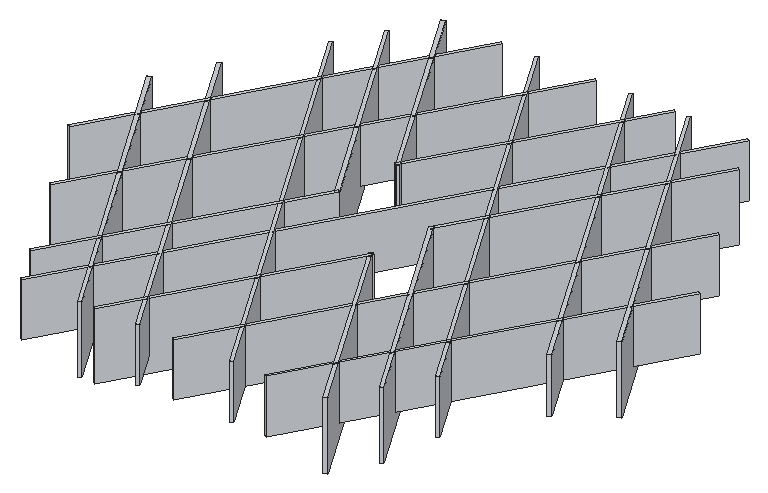
Revit family "J2 PET Felt Hex Cloud Grid 7ft6in", category Specialty Equipment, Revit 2021
Family settings
  Round Connector Dimension = Use Diameter
  Part Type = Normal
  Work Plane-Based = No
  Always vertical = Yes
  Cut with Voids When Loaded = No
  Shared = No
  Room Calculation Point = No
Parameters (values of type "Hex Cloud Grid 7'-6"")
  URL = "https://www.j2systems.net/"
  Symbol Name = "CSCGHX"
  Style Number = "CSCGHX"
  Release Date = "2019"
  Product Line = "Ceiling System"
  Model = "HEX Cloud Grid"
  Manufacturer = "J2 Systems"  # constant formula
  Felt Color B = none
  Felt Color A = none
  Default Elevation = 0' - 0"
  Baffle Height (Min 6" / Max 18") = 0' - 10"
  Baffle B Height = [Baffle Height (Min 6" / Max 18")] - 0' 2"  # 0' - 8"
  7'-6" Size = yes
  5'-6" Size = no
Types (2): name | Model | 7'-6" Size | 5'-6" Size
  Hex Cloud Grid 7'-6" | "HEX Cloud Grid" | yes | no
  Hex Cloud Grid 5'-6" | "Hex Cloud Grid" | no | yes
Reference planes (in)
  plane 1 "Center (Front/Back)": y = 0
  plane 2: z = 0
  plane 3 "Center (Left/Right)": x = 0
  plane 4 "Top Edge": z = 10
  plane 5 "Center L/U": z = 2
Dimensions and locks (in)
  "Baffle Height (Min 6" / Max 18")": plane 4 "Top Edge" to level
  "Baffle B Height": plane 4 "Top Edge" to plane 5 "Center L/U"
  aligned and locked: plane 2 to level
Nested families (in)
  nested 1: "J2 PET Felt Rectangular Baffle Single B" at (0, 0, 2) x (0.5, 0.866, 0) z (0, 0, 1), visible <- "7'-6" Size", type "Rectangular Baffle B 7'-6""
    with Baffle Length (Max. 7'-11") 7' - 6", Baffle Height (Max. 3'-11") 0' - 8"
  nested 2: "J2 PET Felt Rectangular Baffle Single" at (-16.40975, -16.42251, 0) x (0.5, 0.866, 0) z (0, 0, 1), visible <- "7'-6" Size", type "Rectangular Baffle A 3'-2""
    with Baffle Length - Max. 7'-11" 3' - 2 55/256", Baffle Height - Max. 3'-11" 0' - 10"
  nested 3: "J2 PET Felt Rectangular Baffle Single" at (-16.40975, 16.42251, 0) x (0.5, -0.866, 0) z (0, 0, 1), visible <- "7'-6" Size", type "Rectangular Baffle A 3'-2""
    with Baffle Length - Max. 7'-11" 3' - 2 55/256", Baffle Height - Max. 3'-11" 0' - 10"
  nested 4: "J2 PET Felt Rectangular Baffle Single" at (-3.01162, -24.00514, 0) x (0.5, 0.866, 0) z (0, 0, 1), visible <- "7'-6" Size", type "Rectangular Baffle A 2'-10 1/2""
    with Baffle Length - Max. 7'-11" 2' - 10 9/16", Baffle Height - Max. 3'-11" 0' - 10"
  nested 5: "J2 PET Felt Rectangular Baffle Single" at (13.83662, -24.00514, 0) x (-0.5, 0.866, 0) z (0, 0, 1), visible <- "7'-6" Size", type "Rectangular Baffle A 2'-10 1/2""
    with Baffle Length - Max. 7'-11" 2' - 10 9/16", Baffle Height - Max. 3'-11" 0' - 10"
  nested 6: "J2 PET Felt Rectangular Baffle Single" at (16.40975, -16.42251, 0) x (-0.5, 0.866, 0) z (0, 0, 1), visible <- "7'-6" Size", type "Rectangular Baffle A 3'-2""
    with Baffle Length - Max. 7'-11" 3' - 2 55/256", Baffle Height - Max. 3'-11" 0' - 10"
  nested 7: "J2 PET Felt Rectangular Baffle Single" at (16.40975, 16.42251, 0) x (-0.5, -0.866, 0) z (0, 0, 1), visible <- "7'-6" Size", type "Rectangular Baffle A 3'-2""
    with Baffle Length - Max. 7'-11" 3' - 2 55/256", Baffle Height - Max. 3'-11" 0' - 10"
  nested 8: "J2 PET Felt Rectangular Baffle Single" at (3.01162, 24.00514, 0) x (-0.5, -0.866, 0) z (0, 0, 1), visible <- "7'-6" Size", type "Rectangular Baffle A 2'-10 1/2""
    with Baffle Length - Max. 7'-11" 2' - 10 9/16", Baffle Height - Max. 3'-11" 0' - 10"
  nested 9: "J2 PET Felt Rectangular Baffle Single" at (-13.83662, 24.00514, 0) x (0.5, -0.866, 0) z (0, 0, 1), visible <- "7'-6" Size", type "Rectangular Baffle A 2'-10 1/2""
    with Baffle Length - Max. 7'-11" 2' - 10 9/16", Baffle Height - Max. 3'-11" 0' - 10"
  nested 10: "J2 PET Felt Rectangular Baffle Single" at (-27.27256, -15.75929, 0) x (-0.5, 0.866, 0) z (0, 0, 1), visible <- "7'-6" Size", type "Rectangular Baffle A 4'-6""
    with Baffle Length - Max. 7'-11" 4' - 5 155/256", Baffle Height - Max. 3'-11" 0' - 10"
  nested 11: "J2 PET Felt Rectangular Baffle Single B" at (16.88724, -9.75045, 2) x (0.5, 0.866, 0) z (0, 0, 1), visible <- "7'-6" Size", type "Rectangular Baffle B 5'-7""
    with Baffle Length (Max. 7'-11") 5' - 7 31/64", Baffle Height (Max. 3'-11") 0' - 8"
  nested 12: "J2 PET Felt Rectangular Baffle Single B" at (-16.88775, 9.74955, 2) x (-0.5, -0.866, 0) z (0, 0, 1), visible <- "7'-6" Size", type "Rectangular Baffle B 5'-7""
    with Baffle Length (Max. 7'-11") 5' - 7 31/64", Baffle Height (Max. 3'-11") 0' - 8"
  nested 13: "J2 PET Felt Rectangular Baffle Single B" at (27.20747, -15.87528, 2) x (0.5, 0.866, 0) z (0, 0, 1), visible <- "7'-6" Size", type "Rectangular Baffle B 4'-6""
    with Baffle Length (Max. 7'-11") 4' - 5 161/256", Baffle Height (Max. 3'-11") 0' - 8"
  nested 14: "J2 PET Felt Rectangular Baffle Single B" at (-27.28029, 15.74915, 2) x (-0.5, -0.866, 0) z (0, 0, 1), visible <- "7'-6" Size", type "Rectangular Baffle B 4'-6""
    with Baffle Length (Max. 7'-11") 4' - 5 161/256", Baffle Height (Max. 3'-11") 0' - 8"
  nested 15: "J2 PET Felt Rectangular Baffle Single B" at (10.38668, 6.00974, 2) x (-0.5, 0.866, 0) z (0, 0, 1), visible <- "7'-6" Size", type "Rectangular Baffle B 6'-4""
    with Baffle Length (Max. 7'-11") 6' - 4 31/256", Baffle Height (Max. 3'-11") 0' - 8"
  nested 16: "J2 PET Felt Rectangular Baffle Single B" at (-10.38668, -6.00974, 2) x (0.5, -0.866, 0) z (0, 0, 1), visible <- "7'-6" Size", type "Rectangular Baffle B 6'-4""
    with Baffle Length (Max. 7'-11") 6' - 4 31/256", Baffle Height (Max. 3'-11") 0' - 8"
  nested 17: "J2 PET Felt Rectangular Baffle Single B" at (20.77922, 12.00934, 2) x (-0.5, 0.866, 0) z (0, 0, 1), visible <- "7'-6" Size", type "Rectangular Baffle B 5'-2""
    with Baffle Length (Max. 7'-11") 5' - 2 17/64", Baffle Height (Max. 3'-11") 0' - 8"
  nested 18: "J2 PET Felt Rectangular Baffle Single B" at (-20.77922, -12.00934, 2) x (0.5, -0.866, 0) z (0, 0, 1), visible <- "7'-6" Size", type "Rectangular Baffle B 5'-2""
    with Baffle Length (Max. 7'-11") 5' - 2 17/64", Baffle Height (Max. 3'-11") 0' - 8"
  nested 19: "J2 PET Felt Rectangular Baffle Single B" at (0, 0, 2) x (0.5, 0.866, 0) z (0, 0, 1), visible <- "5'-6" Size", type "Rectangular Baffle B 5'-6""
    with Baffle Length (Max. 7'-11") 5' - 6", Baffle Height (Max. 3'-11") 0' - 8"
  nested 20: "J2 PET Felt Rectangular Baffle Single" at (27.27256, 15.75929, 0) x (0.5, -0.866, 0) z (0, 0, 1), visible <- "7'-6" Size", type "Rectangular Baffle A 4'-6""
    with Baffle Length - Max. 7'-11" 4' - 5 155/256", Baffle Height - Max. 3'-11" 0' - 10"
  nested 21: "J2 PET Felt Rectangular Baffle Single" at (-2.06607, -17.60964, 0) x (0.5, 0.866, 0) z (0, 0, 1), visible <- "5'-6" Size", type "Rectangular Baffle A 2'-1""
    with Baffle Length - Max. 7'-11" 2' - 1 85/256", Baffle Height - Max. 3'-11" 0' - 10"
  nested 22: "J2 PET Felt Rectangular Baffle Single" at (10.16693, -17.60964, 0) x (-0.5, 0.866, 0) z (0, 0, 1), visible <- "5'-6" Size", type "Rectangular Baffle A 2'-1""
    with Baffle Length - Max. 7'-11" 2' - 1 85/256", Baffle Height - Max. 3'-11" 0' - 10"
  nested 23: "J2 PET Felt Rectangular Baffle Single" at (11.67847, 12.2277, 0) x (-0.5, -0.866, 0) z (0, 0, 1), visible <- "5'-6" Size", type "Rectangular Baffle A 2'-4""
    with Baffle Length - Max. 7'-11" 2' - 4 135/256", Baffle Height - Max. 3'-11" 0' - 10"
  nested 24: "J2 PET Felt Rectangular Baffle Single" at (11.67847, -12.2277, 0) x (-0.5, 0.866, 0) z (0, 0, 1), visible <- "5'-6" Size", type "Rectangular Baffle A 2'-4""
    with Baffle Length - Max. 7'-11" 2' - 4 135/256", Baffle Height - Max. 3'-11" 0' - 10"
  nested 25: "J2 PET Felt Rectangular Baffle Single B" at (12.375, -7.14471, 2) x (0.5, 0.866, 0) z (0, 0, 1), visible <- "5'-6" Size", type "Rectangular Baffle B 4'-1""
    with Baffle Length (Max. 7'-11") 4' - 1 1/2", Baffle Height (Max. 3'-11") 0' - 8"
  nested 26: "J2 PET Felt Rectangular Baffle Single B" at (-12.375, 7.14471, 2) x (-0.5, -0.866, 0) z (0, 0, 1), visible <- "5'-6" Size", type "Rectangular Baffle B 4'-1""
    with Baffle Length (Max. 7'-11") 4' - 1 1/2", Baffle Height (Max. 3'-11") 0' - 8"
  nested 27: "J2 PET Felt Rectangular Baffle Single B" at (19.94933, -11.52558, 2) x (0.5, 0.866, 0) z (0, 0, 1), visible <- "5'-6" Size", type "Rectangular Baffle B 3'-3""
    with Baffle Length (Max. 7'-11") 3' - 3 49/128", Baffle Height (Max. 3'-11") 0' - 8"
  nested 28: "J2 PET Felt Rectangular Baffle Single B" at (-19.94933, 11.52558, 2) x (-0.5, -0.866, 0) z (0, 0, 1), visible <- "5'-6" Size", type "Rectangular Baffle B 3'-3""
    with Baffle Length (Max. 7'-11") 3' - 3 49/128", Baffle Height (Max. 3'-11") 0' - 8"
  nested 29: "J2 PET Felt Rectangular Baffle Single" at (-19.95226, -11.52051, 0) x (-0.5, 0.866, 0) z (0, 0, 1), visible <- "5'-6" Size", type "Rectangular Baffle A 3'-3""
    with Baffle Length - Max. 7'-11" 3' - 3 101/256", Baffle Height - Max. 3'-11" 0' - 10"
  nested 30: "J2 PET Felt Rectangular Baffle Single B" at (-6.92803, -4.00029, 2) x (0.5, -0.866, 0) z (0, 0, 1), visible <- "5'-6" Size", type "Rectangular Baffle B 4'-9""
    with Baffle Length (Max. 7'-11") 4' - 8 195/256", Baffle Height (Max. 3'-11") 0' - 8"
  nested 31: "J2 PET Felt Rectangular Baffle Single B" at (-14.50627, -8.3744, 2) x (0.5, -0.866, 0) z (0, 0, 1), visible <- "5'-6" Size", type "Rectangular Baffle B 3'-10""
    with Baffle Length (Max. 7'-11") 3' - 10 169/256", Baffle Height (Max. 3'-11") 0' - 8"
  nested 32: "J2 PET Felt Rectangular Baffle Single" at (2.06607, 17.60964, 0) x (-0.5, -0.866, 0) z (0, 0, 1), visible <- "5'-6" Size", type "Rectangular Baffle A 2'-1""
    with Baffle Length - Max. 7'-11" 2' - 1 85/256", Baffle Height - Max. 3'-11" 0' - 10"
  nested 33: "J2 PET Felt Rectangular Baffle Single" at (-10.16693, 17.60964, 0) x (0.5, -0.866, 0) z (0, 0, 1), visible <- "5'-6" Size", type "Rectangular Baffle A 2'-1""
    with Baffle Length - Max. 7'-11" 2' - 1 85/256", Baffle Height - Max. 3'-11" 0' - 10"
  nested 34: "J2 PET Felt Rectangular Baffle Single" at (19.95226, 11.52051, 0) x (0.5, -0.866, 0) z (0, 0, 1), visible <- "5'-6" Size", type "Rectangular Baffle A 3'-3""
    with Baffle Length - Max. 7'-11" 3' - 3 101/256", Baffle Height - Max. 3'-11" 0' - 10"
  nested 35: "J2 PET Felt Rectangular Baffle Single B" at (6.92803, 4.00029, 2) x (-0.5, 0.866, 0) z (0, 0, 1), visible <- "5'-6" Size", type "Rectangular Baffle B 4'-9""
    with Baffle Length (Max. 7'-11") 4' - 8 195/256", Baffle Height (Max. 3'-11") 0' - 8"
  nested 36: "J2 PET Felt Rectangular Baffle Single B" at (14.50627, 8.3744, 2) x (-0.5, 0.866, 0) z (0, 0, 1), visible <- "5'-6" Size", type "Rectangular Baffle B 3'-10""
    with Baffle Length (Max. 7'-11") 3' - 10 169/256", Baffle Height (Max. 3'-11") 0' - 8"
  nested 37: "J2 PET Felt Rectangular Baffle Single" at (-11.67847, 12.2277, 0) x (0.5, -0.866, 0) z (0, 0, 1), visible <- "5'-6" Size", type "Rectangular Baffle A 2'-4""
    with Baffle Length - Max. 7'-11" 2' - 4 135/256", Baffle Height - Max. 3'-11" 0' - 10"
  nested 38: "J2 PET Felt Rectangular Baffle Single" at (-11.67847, -12.2277, 0) x (0.5, 0.866, 0) z (0, 0, 1), visible <- "5'-6" Size", type "Rectangular Baffle A 2'-4""
    with Baffle Length - Max. 7'-11" 2' - 4 135/256", Baffle Height - Max. 3'-11" 0' - 10"
  nested 39: "J2 PET Felt Rectangular Baffle Single B" at (-240, 0, 2) x (0.5, 0.866, 0) z (0, 0, 1), visible <- "7'-6" Size", type "Rectangular Baffle B 7'-6"", not visible
    with Baffle Length (Max. 7'-11") 7' - 6", Baffle Height (Max. 3'-11") 0' - 8"
  nested 40: "J2 PET Felt Rectangular Baffle Single" at (-256.40975, -16.42251, 0) x (0.5, 0.866, 0) z (0, 0, 1), visible <- "7'-6" Size", type "Rectangular Baffle A 3'-2"", not visible
    with Baffle Length - Max. 7'-11" 3' - 2 55/256", Baffle Height - Max. 3'-11" 0' - 10"
  nested 41: "J2 PET Felt Rectangular Baffle Single" at (-256.40975, 16.42251, 0) x (0.5, -0.866, 0) z (0, 0, 1), visible <- "7'-6" Size", type "Rectangular Baffle A 3'-2"", not visible
    with Baffle Length - Max. 7'-11" 3' - 2 55/256", Baffle Height - Max. 3'-11" 0' - 10"
  nested 42: "J2 PET Felt Rectangular Baffle Single" at (-243.01162, -24.00514, 0) x (0.5, 0.866, 0) z (0, 0, 1), visible <- "7'-6" Size", type "Rectangular Baffle A 2'-10 1/2"", not visible
    with Baffle Length - Max. 7'-11" 2' - 10 9/16", Baffle Height - Max. 3'-11" 0' - 10"
  nested 43: "J2 PET Felt Rectangular Baffle Single" at (-226.16338, -24.00514, 0) x (-0.5, 0.866, 0) z (0, 0, 1), visible <- "7'-6" Size", type "Rectangular Baffle A 2'-10 1/2"", not visible
    with Baffle Length - Max. 7'-11" 2' - 10 9/16", Baffle Height - Max. 3'-11" 0' - 10"
  nested 44: "J2 PET Felt Rectangular Baffle Single" at (-223.59025, -16.42251, 0) x (-0.5, 0.866, 0) z (0, 0, 1), visible <- "7'-6" Size", type "Rectangular Baffle A 3'-2"", not visible
    with Baffle Length - Max. 7'-11" 3' - 2 55/256", Baffle Height - Max. 3'-11" 0' - 10"
  nested 45: "J2 PET Felt Rectangular Baffle Single" at (-223.59025, 16.42251, 0) x (-0.5, -0.866, 0) z (0, 0, 1), visible <- "7'-6" Size", type "Rectangular Baffle A 3'-2"", not visible
    with Baffle Length - Max. 7'-11" 3' - 2 55/256", Baffle Height - Max. 3'-11" 0' - 10"
  nested 46: "J2 PET Felt Rectangular Baffle Single" at (-236.98838, 24.00514, 0) x (-0.5, -0.866, 0) z (0, 0, 1), visible <- "7'-6" Size", type "Rectangular Baffle A 2'-10 1/2"", not visible
    with Baffle Length - Max. 7'-11" 2' - 10 9/16", Baffle Height - Max. 3'-11" 0' - 10"
  nested 47: "J2 PET Felt Rectangular Baffle Single" at (-253.83662, 24.00514, 0) x (0.5, -0.866, 0) z (0, 0, 1), visible <- "7'-6" Size", type "Rectangular Baffle A 2'-10 1/2"", not visible
    with Baffle Length - Max. 7'-11" 2' - 10 9/16", Baffle Height - Max. 3'-11" 0' - 10"
  nested 48: "J2 PET Felt Rectangular Baffle Single" at (-267.27256, -15.75929, 0) x (-0.5, 0.866, 0) z (0, 0, 1), visible <- "7'-6" Size", type "Rectangular Baffle A 4'-6"", not visible
    with Baffle Length - Max. 7'-11" 4' - 5 155/256", Baffle Height - Max. 3'-11" 0' - 10"
  nested 49: "J2 PET Felt Rectangular Baffle Single B" at (-223.11276, -9.75045, 2) x (0.5, 0.866, 0) z (0, 0, 1), visible <- "7'-6" Size", type "Rectangular Baffle B 5'-7"", not visible
    with Baffle Length (Max. 7'-11") 5' - 7 31/64", Baffle Height (Max. 3'-11") 0' - 8"
  nested 50: "J2 PET Felt Rectangular Baffle Single B" at (-256.88775, 9.74955, 2) x (-0.5, -0.866, 0) z (0, 0, 1), visible <- "7'-6" Size", type "Rectangular Baffle B 5'-7"", not visible
    with Baffle Length (Max. 7'-11") 5' - 7 31/64", Baffle Height (Max. 3'-11") 0' - 8"
  nested 51: "J2 PET Felt Rectangular Baffle Single B" at (-212.79253, -15.87528, 2) x (0.5, 0.866, 0) z (0, 0, 1), visible <- "7'-6" Size", type "Rectangular Baffle B 4'-6"", not visible
    with Baffle Length (Max. 7'-11") 4' - 5 161/256", Baffle Height (Max. 3'-11") 0' - 8"
  nested 52: "J2 PET Felt Rectangular Baffle Single B" at (-267.28029, 15.74915, 2) x (-0.5, -0.866, 0) z (0, 0, 1), visible <- "7'-6" Size", type "Rectangular Baffle B 4'-6"", not visible
    with Baffle Length (Max. 7'-11") 4' - 5 161/256", Baffle Height (Max. 3'-11") 0' - 8"
  nested 53: "J2 PET Felt Rectangular Baffle Single B" at (-229.61332, 6.00974, 2) x (-0.5, 0.866, 0) z (0, 0, 1), visible <- "7'-6" Size", type "Rectangular Baffle B 6'-4"", not visible
    with Baffle Length (Max. 7'-11") 6' - 4 31/256", Baffle Height (Max. 3'-11") 0' - 8"
  nested 54: "J2 PET Felt Rectangular Baffle Single B" at (-250.38668, -6.00974, 2) x (0.5, -0.866, 0) z (0, 0, 1), visible <- "7'-6" Size", type "Rectangular Baffle B 6'-4"", not visible
    with Baffle Length (Max. 7'-11") 6' - 4 31/256", Baffle Height (Max. 3'-11") 0' - 8"
  nested 55: "J2 PET Felt Rectangular Baffle Single B" at (-219.22078, 12.00934, 2) x (-0.5, 0.866, 0) z (0, 0, 1), visible <- "7'-6" Size", type "Rectangular Baffle B 5'-2"", not visible
    with Baffle Length (Max. 7'-11") 5' - 2 17/64", Baffle Height (Max. 3'-11") 0' - 8"
  nested 56: "J2 PET Felt Rectangular Baffle Single B" at (-260.77922, -12.00934, 2) x (0.5, -0.866, 0) z (0, 0, 1), visible <- "7'-6" Size", type "Rectangular Baffle B 5'-2"", not visible
    with Baffle Length (Max. 7'-11") 5' - 2 17/64", Baffle Height (Max. 3'-11") 0' - 8"
  nested 57: "J2 PET Felt Rectangular Baffle Single" at (-212.72744, 15.75929, 0) x (0.5, -0.866, 0) z (0, 0, 1), visible <- "7'-6" Size", type "Rectangular Baffle A 4'-6"", not visible
    with Baffle Length - Max. 7'-11" 4' - 5 155/256", Baffle Height - Max. 3'-11" 0' - 10"
  nested 58: "J2 PET Felt Rectangular Baffle Single B" at (0, 0, 2) x (0.5, 0.866, 0) z (0, 0, 1), visible <- "5'-6" Size", type "Rectangular Baffle B 5'-6"", not visible
    with Baffle Length (Max. 7'-11") 5' - 6", Baffle Height (Max. 3'-11") 0' - 8"
  nested 59: "J2 PET Felt Rectangular Baffle Single" at (-2.06607, -17.60964, 0) x (0.5, 0.866, 0) z (0, 0, 1), visible <- "5'-6" Size", type "Rectangular Baffle A 2'-1"", not visible
    with Baffle Length - Max. 7'-11" 2' - 1 85/256", Baffle Height - Max. 3'-11" 0' - 10"
  nested 60: "J2 PET Felt Rectangular Baffle Single" at (10.16693, -17.60964, 0) x (-0.5, 0.866, 0) z (0, 0, 1), visible <- "5'-6" Size", type "Rectangular Baffle A 2'-1"", not visible
    with Baffle Length - Max. 7'-11" 2' - 1 85/256", Baffle Height - Max. 3'-11" 0' - 10"
  nested 61: "J2 PET Felt Rectangular Baffle Single" at (11.67847, 12.2277, 0) x (-0.5, -0.866, 0) z (0, 0, 1), visible <- "5'-6" Size", type "Rectangular Baffle A 2'-4"", not visible
    with Baffle Length - Max. 7'-11" 2' - 4 135/256", Baffle Height - Max. 3'-11" 0' - 10"
  nested 62: "J2 PET Felt Rectangular Baffle Single" at (11.67847, -12.2277, 0) x (-0.5, 0.866, 0) z (0, 0, 1), visible <- "5'-6" Size", type "Rectangular Baffle A 2'-4"", not visible
    with Baffle Length - Max. 7'-11" 2' - 4 135/256", Baffle Height - Max. 3'-11" 0' - 10"
  nested 63: "J2 PET Felt Rectangular Baffle Single B" at (12.375, -7.14471, 2) x (0.5, 0.866, 0) z (0, 0, 1), visible <- "5'-6" Size", type "Rectangular Baffle B 4'-1"", not visible
    with Baffle Length (Max. 7'-11") 4' - 1 1/2", Baffle Height (Max. 3'-11") 0' - 8"
  nested 64: "J2 PET Felt Rectangular Baffle Single B" at (-12.375, 7.14471, 2) x (-0.5, -0.866, 0) z (0, 0, 1), visible <- "5'-6" Size", type "Rectangular Baffle B 4'-1"", not visible
    with Baffle Length (Max. 7'-11") 4' - 1 1/2", Baffle Height (Max. 3'-11") 0' - 8"
  nested 65: "J2 PET Felt Rectangular Baffle Single B" at (19.94933, -11.52558, 2) x (0.5, 0.866, 0) z (0, 0, 1), visible <- "5'-6" Size", type "Rectangular Baffle B 3'-3"", not visible
    with Baffle Length (Max. 7'-11") 3' - 3 49/128", Baffle Height (Max. 3'-11") 0' - 8"
  nested 66: "J2 PET Felt Rectangular Baffle Single B" at (-19.94933, 11.52558, 2) x (-0.5, -0.866, 0) z (0, 0, 1), visible <- "5'-6" Size", type "Rectangular Baffle B 3'-3"", not visible
    with Baffle Length (Max. 7'-11") 3' - 3 49/128", Baffle Height (Max. 3'-11") 0' - 8"
  nested 67: "J2 PET Felt Rectangular Baffle Single" at (-19.95226, -11.52051, 0) x (-0.5, 0.866, 0) z (0, 0, 1), visible <- "5'-6" Size", type "Rectangular Baffle A 3'-3"", not visible
    with Baffle Length - Max. 7'-11" 3' - 3 101/256", Baffle Height - Max. 3'-11" 0' - 10"
  nested 68: "J2 PET Felt Rectangular Baffle Single B" at (-6.92803, -4.00029, 2) x (0.5, -0.866, 0) z (0, 0, 1), visible <- "5'-6" Size", type "Rectangular Baffle B 4'-9"", not visible
    with Baffle Length (Max. 7'-11") 4' - 8 195/256", Baffle Height (Max. 3'-11") 0' - 8"
  nested 69: "J2 PET Felt Rectangular Baffle Single B" at (-14.50627, -8.3744, 2) x (0.5, -0.866, 0) z (0, 0, 1), visible <- "5'-6" Size", type "Rectangular Baffle B 3'-10"", not visible
    with Baffle Length (Max. 7'-11") 3' - 10 169/256", Baffle Height (Max. 3'-11") 0' - 8"
  nested 70: "J2 PET Felt Rectangular Baffle Single" at (2.06607, 17.60964, 0) x (-0.5, -0.866, 0) z (0, 0, 1), visible <- "5'-6" Size", type "Rectangular Baffle A 2'-1"", not visible
    with Baffle Length - Max. 7'-11" 2' - 1 85/256", Baffle Height - Max. 3'-11" 0' - 10"
  nested 71: "J2 PET Felt Rectangular Baffle Single" at (-10.16693, 17.60964, 0) x (0.5, -0.866, 0) z (0, 0, 1), visible <- "5'-6" Size", type "Rectangular Baffle A 2'-1"", not visible
    with Baffle Length - Max. 7'-11" 2' - 1 85/256", Baffle Height - Max. 3'-11" 0' - 10"
  nested 72: "J2 PET Felt Rectangular Baffle Single" at (19.95226, 11.52051, 0) x (0.5, -0.866, 0) z (0, 0, 1), visible <- "5'-6" Size", type "Rectangular Baffle A 3'-3"", not visible
    with Baffle Length - Max. 7'-11" 3' - 3 101/256", Baffle Height - Max. 3'-11" 0' - 10"
  nested 73: "J2 PET Felt Rectangular Baffle Single B" at (6.92803, 4.00029, 2) x (-0.5, 0.866, 0) z (0, 0, 1), visible <- "5'-6" Size", type "Rectangular Baffle B 4'-9"", not visible
    with Baffle Length (Max. 7'-11") 4' - 8 195/256", Baffle Height (Max. 3'-11") 0' - 8"
  nested 74: "J2 PET Felt Rectangular Baffle Single B" at (14.50627, 8.3744, 2) x (-0.5, 0.866, 0) z (0, 0, 1), visible <- "5'-6" Size", type "Rectangular Baffle B 3'-10"", not visible
    with Baffle Length (Max. 7'-11") 3' - 10 169/256", Baffle Height (Max. 3'-11") 0' - 8"
  nested 75: "J2 PET Felt Rectangular Baffle Single" at (-11.67847, 12.2277, 0) x (0.5, -0.866, 0) z (0, 0, 1), visible <- "5'-6" Size", type "Rectangular Baffle A 2'-4"", not visible
    with Baffle Length - Max. 7'-11" 2' - 4 135/256", Baffle Height - Max. 3'-11" 0' - 10"
  nested 76: "J2 PET Felt Rectangular Baffle Single" at (-11.67847, -12.2277, 0) x (0.5, 0.866, 0) z (0, 0, 1), visible <- "5'-6" Size", type "Rectangular Baffle A 2'-4"", not visible
    with Baffle Length - Max. 7'-11" 2' - 4 135/256", Baffle Height - Max. 3'-11" 0' - 10"
Definition of nested family "J2 PET Felt Rectangular Baffle Single B"
  Parameters (values of type "Rectangular Baffle 7'-11" x 11"")
    URL = "https://www.j2systems.net/"
    Symbol Name = "CSBFRE"
    Style Number = "CSBFRE"
    Release Date = "2019"
    Product Line = "Ceiling System"
    Model = "Rectangular Baffle Single"
    Manufacturer = "J2 Systems"  # constant formula
    Baffle Length (Max. 7'-11") = 7' - 11"
    Felt Color = none
    Default Elevation = 0' - 0"
    Baffle Height (Max. 3'-11") = 0' - 11"
  Reference planes (in)
    plane 1 "Center (Front/Back)": y = 0
    plane 2: z = 0
    plane 3 "Center (Left/Right)": x = 0
    plane 4: y = 0.25
    plane 5: y = -0.25
    plane 6: x = -47.5
    plane 7: x = 47.5
    plane 8: z = 11
  Forms (in)
    Extrusion 1, solid, material <- "Felt Color"
      sketch origin (2.375, 0, 0) x (1, 0, 0) y (0, 1, 0)
        loop
          line (-49.875, 0.25) -> (-49.875, -0.25) -> (45.125, -0.25) -> (45.125, 0.25) -> (-49.875, 0.25)
      from 11 to 0
  Dimensions and locks (in)
    equal spacing: plane 6, plane 3 "Center (Left/Right)", plane 7
    "Baffle Length (Max. 7'-11")": plane 6 to plane 7
    "Baffle Height (Max. 3'-11")": plane 8 to level
    Extrusion 1 sketch curve to plane 1 "Center (Front/Back)" to Extrusion 1 sketch curve = 0' - 0 1/4" locked, 0' - 0 1/4" locked
    aligned and locked: plane 2 to level
    aligned and locked: Extrusion 1 to plane 6
    aligned and locked: Extrusion 1 to plane 4
    aligned and locked: Extrusion 1 to plane 5
    aligned and locked: Extrusion 1 sketch curve to plane 7
    aligned and locked: plane 6 to Extrusion 1 sketch curve
    aligned and locked: plane 8 to Extrusion 1
    aligned and locked: Extrusion 1 to level
Definition of nested family "J2 PET Felt Rectangular Baffle Single"
  Parameters (values of type "Rectangular Baffle 7'-11" x 11"")
    URL = "https://www.j2systems.net/"
    Symbol Name = "CSBFRE"
    Style Number = "CSBFRE"
    Release Date = "2019"
    Product Line = "Ceiling System"
    Model = "Rectangular Baffle Single"
    Manufacturer = "J2 Systems"  # constant formula
    Baffle Length - Max. 7'-11" = 7' - 11"
    Felt Color = none
    Default Elevation = 0' - 0"
    Baffle Height - Max. 3'-11" = 0' - 11"
  Reference planes (in)
    plane 1 "Center (Front/Back)": y = 0
    plane 2: z = 0
    plane 3 "Center (Left/Right)": x = 0
    plane 4: y = 0.25
    plane 5: y = -0.25
    plane 6: x = -47.5
    plane 7: x = 47.5
    plane 8: z = 11
  Forms (in)
    Extrusion 1, solid, material <- "Felt Color"
      sketch origin (2.375, 0, 0) x (1, 0, 0) y (0, 1, 0)
        loop
          line (-49.875, 0.25) -> (-49.875, -0.25) -> (45.125, -0.25) -> (45.125, 0.25) -> (-49.875, 0.25)
      from 11 to 0
  Dimensions and locks (in)
    equal spacing: plane 6, plane 3 "Center (Left/Right)", plane 7
    "Baffle Length - Max. 7'-11"": plane 6 to plane 7
    "Baffle Height - Max. 3'-11"": plane 8 to level
    Extrusion 1 sketch curve to plane 1 "Center (Front/Back)" to Extrusion 1 sketch curve = 0' - 0 1/4" locked, 0' - 0 1/4" locked
    aligned and locked: plane 2 to level
    aligned and locked: Extrusion 1 to plane 6
    aligned and locked: Extrusion 1 to plane 4
    aligned and locked: Extrusion 1 to plane 5
    aligned and locked: Extrusion 1 sketch curve to plane 7
    aligned and locked: plane 6 to Extrusion 1 sketch curve
    aligned and locked: plane 8 to Extrusion 1
    aligned and locked: Extrusion 1 to level
